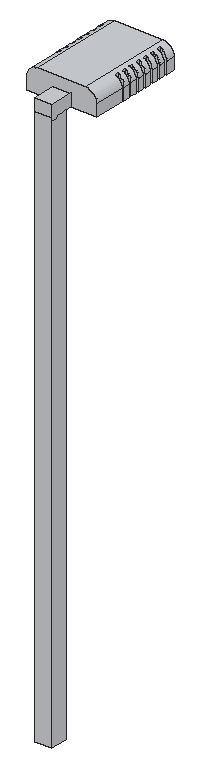
Revit family "CR1", category Lighting Fixtures, host Face, Revit 2012
Parameters
  Wattage Comments = "175"
  Wattage = 9.2903 W
  WIDTH = 2' - 0"
  built-in parameter 1150110 = 1 (stored number, unit not read)
  Voltage = 0 V
  built-in parameter 1114217 = 1 (stored number, unit not read)
  Tilt Angle = 90.00°
  built-in parameter 1150109 = 1 (stored number, unit not read)
  built-in parameter 1150134 = 3
  built-in parameter 1150113 = 1 (stored number, unit not read)
  Product Page URL = ""
  Product Documentation Link = ""
  Power Factor = 1
  Photometric Web File = "generic"
  Number of Poles = 1
  built-in parameter 1150142 = (empty or 0)
  Model = ""
  Manufacturer = ""
  built-in parameter 1150105 = 109.82 (stored number, unit not read)
  Lumens = 1380 lm
  built-in parameter 1150115 = 1 (stored number, unit not read)
  built-in parameter 1150137 = (empty or 0)
  built-in parameter 1150139 = (empty or 0)
  built-in parameter 1150112 = 1 (stored number, unit not read)
  built-in parameter 1150114 = 1 (stored number, unit not read)
  Lamp = "F32T8"
  SUSPENSION [instance] = 8' - 0"
  built-in parameter 1150132 = (empty or 0)
  built-in parameter 1150102 = (empty or 0)
  built-in parameter 1150107 = 3200 (stored number, unit not read)
  built-in parameter 1150138 = (empty or 0)
  built-in parameter 1150106 = 1.0982 (stored number, unit not read)
  IES FILE LINK = ""
  built-in parameter 1150104 = 13.8 (stored number, unit not read)
  Dimming Lamp Color Temperature Shift = (empty or 0)
  Default Elevation = 4' - 0"
  Color Filter = 16777215
  built-in parameter 1114218 = 1 (stored number, unit not read)
  built-in parameter 1150133 = 10 (stored number, unit not read)
  Apparent Load = 0 VA
Reference planes (in)
  plane 1 "Center (Front/Back)": y = 0
  plane 2: z = 0
  plane 3 "Center (Left/Right)": x = 0
  plane 4: x = -6
  plane 5: x = 6
  plane 6: x = -1.5
  plane 7: x = 1.5
Forms (in)
  Extrusion 1, solid
    sketch origin (0, 0, 96) x (1, 0, 0) y (0, 0, 1)
      loop
        line (-6, 0) -> (6, 0) -> (6, 2)
        arc (6, 2) -> (5.43046, 3.375) -> (4.05546, 3.94454) r 1.94454
        line (4.05546, 3.94454) -> (-4.05546, 3.94454)
        arc (-4.05546, 3.94454) -> (-5.43046, 3.375) -> (-6, 2) r 1.94454
        line (-6, 2) -> (-6, 0)
    from 8.156 to -8.156
  Extrusion 2, solid
    sketch origin (0, 0, 0.05168) x (0, 1, 0) y (0, 0, 1)
      loop
        line (-8.156, 98) -> (-12.156, 98) -> (-12.156, 94) -> (-11.406, 94)
        arc (-11.406, 94) -> (-10.83646, 95.375) -> (-9.46146, 95.94454) r 1.94454
        line (-9.46146, 95.94454) -> (-8.156, 95.94454) -> (-8.156, 98)
    from 1.5 to -1.5
  Extrusion 3, solid
    sketch origin (0, 0, 0) x (1, 0, 0) y (0, 1, 0)
      loop
        line (-1.5, -12.156) -> (1.5, -12.156) -> (1.5, -9.156) -> (-1.5, -9.156) -> (-1.5, -12.156)
    from 96 to 0
  Extrusion 4, void
    sketch origin (0, 0, 0) x (1, 0, 0) y (0, 1, 0)
      loop
        line (-6.75, 6.58957) -> (-6.75, 6.07) -> (-4.85536, 6.07) -> (-4.85536, 6.58957) -> (-6.75, 6.58957)
    from 112.41303 to 96
  Extrusion 5, void
    sketch origin (0, -1.5, 0) x (1, 0, 0) y (0, 1, 0)
      loop
        line (-6.35536, 6.58957) -> (-6.35536, 6.07) -> (-4.85536, 6.07) -> (-4.85536, 6.58957) -> (-6.35536, 6.58957)
    from 112.41303 to 96
  Extrusion 6, void
    sketch origin (0, -3, 0) x (1, 0, 0) y (0, 1, 0)
      loop
        line (-6.35536, 6.58957) -> (-6.35536, 6.07) -> (-4.85536, 6.07) -> (-4.85536, 6.58957) -> (-6.35536, 6.58957)
    from 112.41303 to 96
  Extrusion 7, void
    sketch origin (0, -4.5, 0) x (1, 0, 0) y (0, 1, 0)
      loop
        line (-6.35536, 6.58957) -> (-6.35536, 6.07) -> (-4.85536, 6.07) -> (-4.85536, 6.58957) -> (-6.35536, 6.58957)
    from 112.41303 to 96
  Extrusion 8, void
    sketch origin (0, -6, 0) x (1, 0, 0) y (0, 1, 0)
      loop
        line (-6.35536, 6.58957) -> (-6.35536, 6.07) -> (-4.85536, 6.07) -> (-4.85536, 6.58957) -> (-6.35536, 6.58957)
    from 112.41303 to 96
  Extrusion 9, void
    sketch origin (0, -7.5, 0) x (1, 0, 0) y (0, 1, 0)
      loop
        line (-6.35536, 6.58957) -> (-6.35536, 6.07) -> (-4.85536, 6.07) -> (-4.85536, 6.58957) -> (-6.35536, 6.58957)
    from 112.41303 to 96
  Extrusion 10, void
    sketch origin (0, -9, 0) x (1, 0, 0) y (0, 1, 0)
      loop
        line (-6.35536, 6.58957) -> (-6.35536, 6.07) -> (-4.85536, 6.07) -> (-4.85536, 6.58957) -> (-6.35536, 6.58957)
    from 112.41303 to 96
  Extrusion 11, void
    sketch origin (0, 0, 0) x (-1, 0, 0) y (0, -1, 0)
      loop
        line (-6.35536, -6.58957) -> (-4.85536, -6.58957) -> (-4.85536, -6.07) -> (-6.35536, -6.07) -> (-6.35536, -6.58957)
    from 112.41303 to 96
  Extrusion 12, void
    sketch origin (0, -1.5, 0) x (-1, 0, 0) y (0, -1, 0)
      loop
        line (-6.35536, -6.58957) -> (-4.85536, -6.58957) -> (-4.85536, -6.07) -> (-6.35536, -6.07) -> (-6.35536, -6.58957)
    from 112.41303 to 96
  Extrusion 13, void
    sketch origin (0, -3, 0) x (-1, 0, 0) y (0, -1, 0)
      loop
        line (-6.35536, -6.58957) -> (-4.85536, -6.58957) -> (-4.85536, -6.07) -> (-6.35536, -6.07) -> (-6.35536, -6.58957)
    from 112.41303 to 96
  Extrusion 14, void
    sketch origin (0, -4.5, 0) x (-1, 0, 0) y (0, -1, 0)
      loop
        line (-6.35536, -6.58957) -> (-4.85536, -6.58957) -> (-4.85536, -6.07) -> (-6.35536, -6.07) -> (-6.35536, -6.58957)
    from 112.41303 to 96
  Extrusion 15, void
    sketch origin (0, -6, 0) x (-1, 0, 0) y (0, -1, 0)
      loop
        line (-6.35536, -6.58957) -> (-4.85536, -6.58957) -> (-4.85536, -6.07) -> (-6.35536, -6.07) -> (-6.35536, -6.58957)
    from 112.41303 to 96
  Extrusion 16, void
    sketch origin (0, -7.51957, 1.94832) x (-1, 0, 0) y (0, -1, 0)
      loop
        line (-6.35536, -6.58957) -> (-4.85536, -6.58957) -> (-4.85536, -6.07) -> (-6.35536, -6.07) -> (-6.35536, -6.58957)
    from 112.41303 to 94.05168
  Extrusion 17, void
    sketch origin (0, -9, 0) x (-1, 0, 0) y (0, -1, 0)
      loop
        line (-6.35536, -6.58957) -> (-4.85536, -6.58957) -> (-4.85536, -6.07) -> (-6.35536, -6.07) -> (-6.35536, -6.58957)
    from 114.94454 to 96
Cuts and joins
  Extrusion 4, Extrusion 5, Extrusion 6, Extrusion 7, Extrusion 8, Extrusion 9, Extrusion 10, Extrusion 11, Extrusion 12, Extrusion 13, Extrusion 14, Extrusion 15, Extrusion 16, Extrusion 17 cuts Extrusion 1
Lines and regions (in)
  reference lines
    curve 1: line (-29.87497, 0, -227.86001) -> (-29.87497, 0, -223.73001)
Dimensions and locks (in)
  "SUSPENSION": Extrusion 3 to Extrusion 3
  Extrusion 1 to Extrusion 1 to Extrusion 2 = 1' - 4.312" locked, 0' - 4" locked
  Extrusion 2 to Extrusion 3 to Extrusion 2 = 0' - 1.94832" locked, 0' - 2.05168" locked
  locked: cut or joined group 1 (Extrusion 1, Extrusion 4, Extrusion 5, Extrusion 6, Extrusion 7, Extrusion 8, Extrusion 9, Extrusion 10, Extrusion 11, Extrusion 12, Extrusion 13, Extrusion 14, Extrusion 15, Extrusion 16, Extrusion 17) to cut or joined group 1 at 12
  cut or joined group 1 to cut or joined group 1 to cut or joined group 1 to cut or joined group 1 to cut or joined group 1 to cut or joined group 1 to cut or joined group 1 to cut or joined group 1 to cut or joined group 1 to cut or joined group 1 to cut or joined group 1 to cut or joined group 1 to cut or joined group 1 to cut or joined group 1 to cut or joined group 1 to cut or joined group 1 = 0' - 1.56643" locked, 0' - 0.51957" locked, 0' - 0.98043" locked, 0' - 0.51957" locked, 0' - 0.98043" locked, 0' - 0.51957" locked, 0' - 0.98043" locked, 0' - 0.51957" locked, 0' - 0.98043" locked, 0' - 0.51957" locked, 0' - 0.98043" locked, 0' - 0.51957" locked, 0' - 0.98043" locked, 0' - 0.51957" locked, 0' - 5.226" locked
  aligned and locked: plane 2 to host face
  aligned and locked: level to host face
  aligned and locked: Extrusion 2 to Extrusion 1
  aligned and locked: Extrusion 2 to plane 6
  aligned and locked: Extrusion 3 to level
  aligned and locked: Extrusion 3 to Extrusion 1
  aligned and locked: Extrusion 1 to Extrusion 4
  aligned and locked: Extrusion 1 to Extrusion 5
  aligned and locked: Extrusion 1 to Extrusion 6
  aligned and locked: Extrusion 1 to Extrusion 7
  aligned and locked: Extrusion 1 to Extrusion 8
  aligned and locked: Extrusion 1 to Extrusion 9
  aligned and locked: Extrusion 1 to Extrusion 10
  aligned and locked: Extrusion 1 to Extrusion 16
  aligned and locked: Extrusion 1 to Extrusion 15
  aligned and locked: Extrusion 1 to Extrusion 14
  aligned and locked: Extrusion 1 to Extrusion 13
  aligned and locked: Extrusion 1 to Extrusion 12
  aligned and locked: Extrusion 1 to Extrusion 11
  aligned and locked: Extrusion 1 to Extrusion 17
  aligned and locked: imposter light to cut or joined group 1
  aligned and locked: imposter light to plane 3 "Center (Left/Right)"
Automatic sketch dimensions
  host sketch curve to host sketch curve = 8' - 0"  (x2)
  curve 1 to plane 4 = 1' - 11.87497"
  curve 1 to level = 18' - 11.86001"
  curve 1 to curve 1 = 0' - 4.13"
  Extrusion 1 sketch curve to plane 4 = 0' - 0"
  Extrusion 1 sketch curve to plane 5 = 0' - 0"
  plane 4 to Extrusion 1 sketch curve = 0' - 1.94454"
  plane 5 to Extrusion 1 sketch curve = 0' - 1.94454"
  level to Extrusion 1 sketch curve = 8' - 0"
  Extrusion 1 sketch curve to Extrusion 1 sketch curve = 0' - 2"
  plane 1 "Center (Front/Back)" to Extrusion 2 sketch curve = 1' - 0.156"
  Extrusion 2 sketch curve to Extrusion 2 sketch curve = 0' - 0 3/4"
  Extrusion 2 sketch curve to Extrusion 2 sketch curve = 0' - 1.94454"
  Extrusion 2 sketch curve to Extrusion 2 sketch curve = 0' - 1.30546"
  level to Extrusion 2 sketch curve = 7' - 10.05168"
  Extrusion 2 sketch curve to Extrusion 2 sketch curve = 0' - 2.05546"
  Extrusion 3 sketch curve to plane 6 = 0' - 0"
  Extrusion 3 sketch curve to plane 7 = 0' - 0"
  plane 1 "Center (Front/Back)" to Extrusion 3 sketch curve = 1' - 0.156"
  Extrusion 3 sketch curve to Extrusion 3 sketch curve = 0' - 3"
  Extrusion 4 sketch curve to plane 4 = 0' - 0 3/4"
  plane 4 to Extrusion 4 sketch curve = 0' - 1.14464"
  Extrusion 4 sketch curve to plane 1 "Center (Front/Back)" = 0' - 6.07"
  Extrusion 4 sketch curve to Extrusion 4 sketch curve = 0' - 0.51957"
  Extrusion 5 sketch curve to plane 4 = 0' - 0.35536"
  plane 4 to Extrusion 5 sketch curve = 0' - 1.14464"
  Extrusion 5 sketch curve to plane 1 "Center (Front/Back)" = 0' - 4.57"
  Extrusion 5 sketch curve to Extrusion 5 sketch curve = 0' - 0.51957"
  Extrusion 6 sketch curve to plane 4 = 0' - 0.35536"
  plane 4 to Extrusion 6 sketch curve = 0' - 1.14464"
  Extrusion 6 sketch curve to plane 1 "Center (Front/Back)" = 0' - 3.07"
  Extrusion 6 sketch curve to Extrusion 6 sketch curve = 0' - 0.51957"
  Extrusion 7 sketch curve to plane 4 = 0' - 0.35536"
  plane 4 to Extrusion 7 sketch curve = 0' - 1.14464"
  Extrusion 7 sketch curve to plane 1 "Center (Front/Back)" = 0' - 1.57"
  Extrusion 7 sketch curve to Extrusion 7 sketch curve = 0' - 0.51957"
  Extrusion 8 sketch curve to plane 4 = 0' - 0.35536"
  Extrusion 8 sketch curve to plane 1 "Center (Front/Back)" = 0' - 0.07"
  plane 4 to Extrusion 8 sketch curve = 0' - 1.14464"
  Extrusion 8 sketch curve to Extrusion 8 sketch curve = 0' - 0.51957"
  Extrusion 9 sketch curve to plane 4 = 0' - 0.35536"
  plane 4 to Extrusion 9 sketch curve = 0' - 1.14464"
  plane 1 "Center (Front/Back)" to Extrusion 9 sketch curve = 0' - 1.43"
  Extrusion 9 sketch curve to Extrusion 9 sketch curve = 0' - 0.51957"
  Extrusion 10 sketch curve to plane 4 = 0' - 0.35536"
  plane 4 to Extrusion 10 sketch curve = 0' - 1.14464"
  plane 1 "Center (Front/Back)" to Extrusion 10 sketch curve = 0' - 2.93"
  Extrusion 10 sketch curve to Extrusion 10 sketch curve = 0' - 0.51957"
  plane 5 to Extrusion 11 sketch curve = 0' - 0.35536"
  Extrusion 11 sketch curve to plane 5 = 0' - 1.14464"
  plane 1 "Center (Front/Back)" to Extrusion 11 sketch curve = 0' - 6.07"
  Extrusion 11 sketch curve to Extrusion 11 sketch curve = 0' - 0.51957"
  plane 5 to Extrusion 12 sketch curve = 0' - 0.35536"
  Extrusion 12 sketch curve to plane 5 = 0' - 1.14464"
  plane 1 "Center (Front/Back)" to Extrusion 12 sketch curve = 0' - 4.57"
  Extrusion 12 sketch curve to Extrusion 12 sketch curve = 0' - 0.51957"
  plane 5 to Extrusion 13 sketch curve = 0' - 0.35536"
  Extrusion 13 sketch curve to plane 5 = 0' - 1.14464"
  plane 1 "Center (Front/Back)" to Extrusion 13 sketch curve = 0' - 3.07"
  Extrusion 13 sketch curve to Extrusion 13 sketch curve = 0' - 0.51957"
  plane 5 to Extrusion 14 sketch curve = 0' - 0.35536"
  Extrusion 14 sketch curve to plane 5 = 0' - 1.14464"
  plane 1 "Center (Front/Back)" to Extrusion 14 sketch curve = 0' - 1.57"
  Extrusion 14 sketch curve to Extrusion 14 sketch curve = 0' - 0.51957"
  plane 5 to Extrusion 15 sketch curve = 0' - 0.35536"
  plane 1 "Center (Front/Back)" to Extrusion 15 sketch curve = 0' - 0.07"
  Extrusion 15 sketch curve to plane 5 = 0' - 1.14464"
  Extrusion 15 sketch curve to Extrusion 15 sketch curve = 0' - 0.51957"
  plane 5 to Extrusion 16 sketch curve = 0' - 0.35536"
  Extrusion 16 sketch curve to plane 5 = 0' - 1.14464"
  Extrusion 16 sketch curve to plane 1 "Center (Front/Back)" = 0' - 1.44958"
  Extrusion 16 sketch curve to Extrusion 16 sketch curve = 0' - 0.51957"
  plane 5 to Extrusion 17 sketch curve = 0' - 0.35536"
  Extrusion 17 sketch curve to plane 5 = 0' - 1.14464"
  Extrusion 17 sketch curve to plane 1 "Center (Front/Back)" = 0' - 2.93"
  Extrusion 17 sketch curve to Extrusion 17 sketch curve = 0' - 0.51957"
Connectors (in)
  electrical at (0, 0, 0), driven by "Number of Poles", driven by "Voltage", driven by "Apparent Load", driven by "Power Factor"
    settings: on host face, index 1, voltage 0 V, apparent load 0 VA, apparent load phase1 0 VA, apparent load phase2 0 VA, apparent load phase3 0 VA, power factor 1, load classification "Other", number of poles 1, system type 31, power factor state 1, is connector primary yes, connector utility yes, sub classification motor no, connector description "Power"
